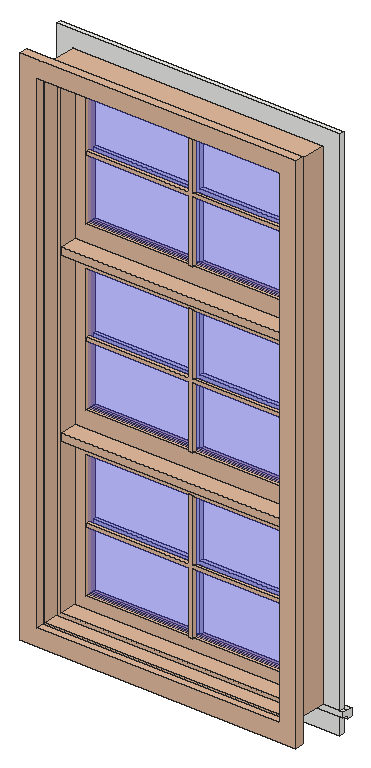
Revit family "M_Janela-toldo-triplo-vertical", category Janelas, Revit 2019
Family settings
  Hospedeiro = Parede
  Número OmniClass = 23.30.20.17.21.11
  Título OmniClass = Awning Windows
  Sempre na vertical = Sim
  Corte com vazios quando carregada = Não
  Compartilhado = Não
  Ponto de cálculo do ambiente = Não
Parameters (values of type "900 x 1800mm")
  Janela aplicada [instance] = 0 mm
  Espessura da parede [instance] = 150 mm
  Visual Light Transmittance = 0.81
  Coeficiente da altura do caixilho superior = 0.33333
  Altura do caixilho superior = Coeficiente da altura do caixilho superior * Altura  # 599.999 mm
  Resistência térmica (R) = 0.319569 (m²·K)/W
  Solar Heat Gain Coefficient = 0.76
  Largura bruta = Largura + 15 mm  # 915 mm
  Altura bruta = Altura + 15 mm  # 1815 mm
  Visibilidade do montante superior = yes
  Padrão do montante = M_Padrão do montante_2x2 : M_Padrão do montante_2x2
  Coeficiente da altura do caixilho central = 0.33333
  Altura do caixilho central = Coeficiente da altura do caixilho central * Altura  # 599.999 mm
  Visibilidade do montante central = yes
  Fechamento da parede interior [instance] = 54.75 mm
  Visibilidade do recorte interior [instance] = yes
  Material da apara interior = Madeira – Manchada
  Recorte interior = M_Moldura-janela-interior-plana : Quadro
  Material da moldura interior = Madeira – Manchada
  Altura = 1800 mm
  Coeficiente de transferência de calor (U) = 3.12929 W/(m²·K)
  Material do painel de vidro = Vidro
  Extensão do quadro [instance] = if(Visibilidade da apara externa, Janela aplicada + 6.35 mm, 6.35 mm)  # 6.35 mm
  Classificação de incêndio = "0.5h"
  Fechamento da parede externa [instance] = 31.75 mm
  Visibilidade da apara externa [instance] = yes
  Material da apara externa = Revestimento – Branco
  Apara externa = M_Recorte-Janela-Exterior-Plana : com peitoril
  Material da moldura exterior = Revestimento – Branco
  Visibilidade do umbral da extensão [instance] = and(Visibilidade do recorte interior, Espessura da parede - Janela aplicada > 95.25 mm)  # yes
  Umbral da extensão [instance] = if(Espessura da parede - Janela aplicada > 95.25 mm, Espessura da parede - Janela aplicada - 95.25 mm, 25.4 mm)  # 54.75 mm
  Altura-padrão do peitoril = 900 mm
  Fechamento da parede = Por hospedeiro
  Largura = 900 mm
  Visibilidade do montante inferior = yes
  Código de montagem = "B2020100"
  Construção analítica = "Vidraça dupla – residencial"
Types (2, lengths in mm): name | Largura bruta | Largura
  900 x 1800mm | 915 | 900
  600 x 1800mm | 615 | 600
Reference planes
  plane 1 "Centro (Frente/Trás)": y = 0
  plane 2: z = 0
  plane 3 "Centro (Esquerda/Direita)": x = 0
  plane 4 "Esquerda": x = -450
  plane 5 "Direita": x = 450
  plane 6 "Peitoril": z = 900
  plane 7 "Superior": z = 2700
  plane 8 "Exterior": y = 75
  plane 9 "Interior": y = -75
  plane 10 "Inset Face": y = 75
  plane 11 "Umbral": y = -20.25
  plane 12 "Face do caixilho": y = 87.7
  plane 13 "Fechamento da parede": y = -20.25
  plane 14: y = 55.95
  plane 15: z = 912.7
  plane 16: x = 437.3
  plane 17: x = 380.15
  plane 18: x = -380.15
  plane 19: x = -437.3
  plane 20: z = 2687.3
  plane 21: z = 2630.15
  plane 22: z = 969.85
  plane 23: y = 43.25
  plane 24: y = 94.05
  plane 25: y = 65.475
  plane 26 "Altura da travessa": z = 2112.701
  plane 27: z = 2169.851
  plane 28: z = 2087.301
  plane 29: y = 94.05
  plane 30: y = 43.25
  plane 31: y = -20.25
  plane 32: z = 2030.142
  plane 33: z = 2100.001
  plane 34: z = 1500.001
  plane 35: z = 1512.701
  plane 36: z = 1487.301
  plane 37: z = 1430.151
  plane 38: z = 1569.851
  plane 39: y = 94.05
Forms (mm)
  Extrusion 1, solid, material "Madeira – Manchada" <- "Material da moldura interior", visible <- "Visibilidade do umbral da extensão"
    sketch origin (0, 0, 0) x (1, 0, 0) y (0, 0, 1)
      loop
        line (450, 2700) -> (-450, 2700) -> (-450, 900) -> (450, 900) -> (450, 2700)
      loop
        line (430.95, 2680.95) -> (-430.95, 2680.95) -> (-430.95, 919.05) -> (430.95, 919.05) -> (430.95, 2680.95)
    from 20.25 to 75
  Sweep 2, solid, material "Madeira – Manchada" <- "Material da moldura interior"
    path origin (0, 87.7, 0) x (-1, 0, 0) y (0, 0, 1)
      loop
        line (-450, 2700) -> (-450, 900) -> (450, 900) -> (450, 2700) -> (-450, 2700)
    profile origin (450, 87.7, 1800) x (1, 0, 0) y (0, 1, 0)
      loop
        line (-31.75, -44.45) -> (-31.75, -107.95) -> (0, -107.95) -> (0, 6.35) -> (-12.7, 6.35) -> (-12.7, -44.45) -> (-31.75, -44.45)
  Sweep 3, solid, material "Madeira – Manchada" <- "Material da moldura interior"
    path origin (0, 87.7, 0) x (-1, 0, 0) y (0, 0, 1)
      loop
        line (-437.3, 2687.3) -> (-437.3, 2112.701) -> (437.3, 2112.701) -> (437.3, 2687.3) -> (-437.3, 2687.3)
    profile origin (437.3, 87.7, 2400) x (1, 0, 0) y (0, 1, 0)
      loop
        line (-57.15, 0) -> (-57.15, -44.45) -> (0, -44.45) -> (0, 0) -> (-57.15, 0)
  Extrusion 4, solid, material "Vidro" <- "Material do painel de vidro"
    sketch origin (0, 0, 900) x (0, -1, 0) y (1, 0, 0)
      loop
        line (-55.95, -380.15) -> (-55.95, 380.15) -> (-62.3, 380.15) -> (-62.3, -380.15) -> (-55.95, -380.15)
      loop
        line (-68.65, -380.15) -> (-68.65, 380.15) -> (-75, 380.15) -> (-75, -380.15) -> (-68.65, -380.15)
    from 1269.851 to 1730.15
  Extrusion 5, solid, material "Vidro" <- "Material do painel de vidro"
    sketch origin (0, 0, 900) x (0, -1, 0) y (1, 0, 0)
      loop
        line (-75, -380.15) -> (-68.65, -380.15) -> (-68.65, 380.15) -> (-75, 380.15) -> (-75, -380.15)
      loop
        line (-62.3, -380.15) -> (-55.95, -380.15) -> (-55.95, 380.15) -> (-62.3, 380.15) -> (-62.3, -380.15)
    from 69.85 to 530.151
  Extrusion 6, solid, material "Madeira – Manchada" <- "Material da moldura interior"
    sketch origin (0, 0, 900) x (0, -1, 0) y (1, 0, 0)
      loop
        line (-94.05, -437.3) -> (-43.25, -437.3) -> (-43.25, -418.25) -> (20.25, -418.25) -> (20.25, 418.25) -> (-43.25, 418.25) -> (-43.25, 437.3) -> (-94.05, 437.3) -> (-94.05, -437.3)
    from 1212.701 to 1187.301
  Sweep 7, solid, material "Madeira – Manchada" <- "Material da moldura interior"
    path origin (-1828.8, 87.7, 1219.2) x (-1, 0, 0) y (0, 0, 1)
      loop
        line (-2266.1, 268.101) -> (-2266.1, -306.5) -> (-1391.5, -306.5) -> (-1391.5, 268.101) -> (-2266.1, 268.101)
    profile origin (437.3, 87.7, 1200.001) x (0, 1, 0) y (-1, 0, 0)
      loop
        line (0, 57.15) -> (-44.45, 57.15) -> (-44.45, 0) -> (0, 0) -> (0, 57.15)
  Sweep 8, solid, material "Madeira – Manchada" <- "Material da moldura interior"
    path origin (-2228.85, 87.7, 1219.2) x (-1, 0, 0) y (0, 0, 1)
      loop
        line (-2666.15, 868.101) -> (-2666.15, 293.501) -> (-1791.55, 293.501) -> (-1791.55, 868.101) -> (-2666.15, 868.101)
    profile origin (437.3, 87.7, 1800.001) x (0, 1, 0) y (-1, 0, 0)
      loop
        line (0, 0) -> (0, 57.15) -> (-44.45, 57.15) -> (-44.45, 0) -> (0, 0)
  Extrusion 9, solid, material "Vidro" <- "Material do painel de vidro"
    sketch origin (0, 177.8, 900) x (0, -1, 0) y (1, 0, 0)
      loop
        line (102.8, -380.15) -> (109.15, -380.15) -> (109.15, 380.15) -> (102.8, 380.15) -> (102.8, -380.15)
      loop
        line (115.5, -380.15) -> (121.85, -380.15) -> (121.85, 380.15) -> (115.5, 380.15) -> (115.5, -380.15)
    from 669.851 to 1130.142
  Extrusion 10, solid, material "Madeira – Manchada" <- "Material da moldura interior"
    sketch origin (1857.476, 228.6, 1500.001) x (1, 0, 0) y (0, 1, 0)
      loop
        line (-2294.776, -134.55) -> (-2294.776, -185.35) -> (-2275.726, -185.35) -> (-2275.726, -248.85) -> (-1439.226, -248.85) -> (-1439.226, -185.35) -> (-1420.176, -185.35) -> (-1420.176, -134.55) -> (-2294.776, -134.55)
    from 12.7 to -12.7
Lines and regions (mm)
  Opening 1
    outline origin (-1524, -75, 0) x (1, 0, 0) y (0, 0, 1)
      loop
        line (1074, 2700) -> (1074, 900) -> (1974, 900) -> (1974, 2700) -> (1074, 2700)
  Split face 1
    outline origin (-380.15, 43.25, 2169.851) x (1, 0, 0) y (0, 1, 0)
      loop
        line (0, 31.75) -> (760.3, 31.75)
  Split face 2
    outline origin (380.15, 43.25, 2169.851) x (0, 0, 1) y (0, 1, 0)
      loop
        line (0, 31.75) -> (460.299, 31.75)
  Split face 3
    outline origin (-380.15, 43.25, 2630.15) x (0, 0, -1) y (0, 1, 0)
      loop
        line (0, 31.75) -> (460.299, 31.75)
  Split face 4
    outline origin (380.15, 43.25, 2630.15) x (0, 1, 0) y (-1, 0, 0)
      loop
        line (31.75, 760.3) -> (31.75, 0)
  Split face 5
    outline origin (0, 0, 2112.701) x (0, -1, 0) y (1, 0, 0)
      loop
        line (-87.7, 437.3) -> (-87.7, -437.3)
  Split face 6
    outline origin (380.15, 87.7, 969.85) x (-1, 0, 0) y (0, -1, 0)
      loop
        line (760.3, 12.7) -> (0, 12.7)
  Split face 7
    outline origin (380.15, 87.7, 1430.151) x (0, 0, -1) y (0, -1, 0)
      loop
        line (460.301, 12.7) -> (0, 12.7)
  Split face 8
    outline origin (-380.15, 87.7, 1430.151) x (0, -1, 0) y (1, 0, 0)
      loop
        line (12.7, 760.3) -> (12.7, 0)
  Split face 9
    outline origin (-380.15, 87.7, 969.85) x (0, 0, 1) y (0, -1, 0)
      loop
        line (460.301, 12.7) -> (0, 12.7)
  Split face 10
    outline origin (0, 0, 2087.301) x (0, -1, 0) y (1, 0, 0)
      loop
        line (-87.7, 437.3) -> (-87.7, -437.3)
  Split face 11
    outline origin (380.15, 87.7, 1569.851) x (-1, 0, 0) y (0, -1, 0)
      loop
        line (760.3, 12.7) -> (0, 12.7)
  Split face 12
    outline origin (380.15, 87.7, 2030.151) x (0, 0, -1) y (0, -1, 0)
      loop
        line (0.009, 12.7) -> (460.299, 12.7)
  Split face 13
    outline origin (-380.15, 87.7, 1569.851) x (0, 0, 1) y (0, -1, 0)
      loop
        line (0, 12.7) -> (460.299, 12.7)
  Split face 14
    outline origin (-380.15, 87.7, 2030.151) x (0, -1, 0) y (1, 0, 0)
      loop
        line (12.7, 760.3) -> (12.7, 0)
  Split face 15
    outline origin (1857.476, 228.6, 1487.301) x (1, 0, 0) y (0, 1, 0)
      loop
        line (-1420.176, -140.9) -> (-2294.776, -140.9)
  Split face 16
    outline origin (1857.476, 228.6, 1512.701) x (1, 0, 0) y (0, 1, 0)
      loop
        line (-2294.776, -140.9) -> (-1420.176, -140.9)
  symbolic lines, style "Giro da elevação"
    curve 1: line (0, -75, 2687.3) -> (437.3, -75, 2112.701)
    curve 2: line (0, -75, 2687.3) -> (-437.3, -75, 2112.701)
    curve 3: line (0, -75, 2087.301) -> (437.3, -75, 1512.701)
    curve 4: line (0, -75, 2087.301) -> (-437.3, -75, 1512.701)
    curve 5: line (0, -75, 1487.301) -> (437.3, -75, 912.7)
    curve 6: line (0, -75, 1487.301) -> (-437.3, -75, 912.7)
Text (mm)
  text "EXTERIOR" at (-1490.695, 1293.036, 0), in view "Nível de referência"
  text "INTERIOR" at (-1490.695, -959.266, 0), in view "Nível de referência"
  text "Exterior" at (0, 1108.87, 3129.179), in view "Esquerda"
  text "Exterior" at (0, 464.664, 3176.206), in view "Direita"
Dimensions and locks
  equal spacing: plane 4 "Esquerda", plane 3 "Centro (Esquerda/Direita)", plane 5 "Direita"
  "Largura": plane 4 "Esquerda" to plane 5 "Direita"
  "Altura": plane 6 "Peitoril" to plane 7 "Superior"
  "Altura-padrão do peitoril": plane 2 to plane 6 "Peitoril"
  "Janela aplicada": plane 8 "Exterior" to plane 10 "Inset Face"
  "Umbral da extensão": plane 11 "Umbral" to plane 9 "Interior"
  locked: plane 12 "Face do caixilho" to plane 10 "Inset Face" at 12.7
  locked: plane 10 "Inset Face" to plane 13 "Fechamento da parede" at 95.25
  locked: plane 10 "Inset Face" to plane 14 at 19.05
  locked: plane 6 "Peitoril" to plane 15 at 12.7
  locked: Sweep 2 sketch curve to Sweep 2 sketch curve at 31.75
  locked: plane 16 to plane 5 "Direita" at 12.7
  locked: plane 17 to plane 16 at 57.15
  locked: plane 4 "Esquerda" to plane 19 at 12.7
  locked: plane 19 to plane 18 at 57.15
  locked: plane 20 to plane 7 "Superior" at 12.7
  locked: Sweep 2 sketch curve to Sweep 2 sketch curve at 12.7
  equal spacing: Extrusion 4 sketch curve, Extrusion 4 sketch curve, Extrusion 4 sketch curve, Extrusion 4 sketch curve
  locked: plane 15 to plane 22 at 57.15
  locked: plane 21 to plane 20 at 57.15
  locked: plane 14 to plane 23 at 12.7
  locked: plane 24 to plane 8 "Exterior" at 19.05
  plane 12 "Face do caixilho" to Sweep 2 sketch curve = 44.45 mm
  equal spacing: plane 10 "Inset Face", plane 25, plane 14
  locked: plane 26 "Altura da travessa" to plane 27 at 57.15
  equal spacing: Extrusion 5 sketch curve, Extrusion 5 sketch curve, Extrusion 5 sketch curve, Extrusion 5 sketch curve
  "Espessura da parede": host wall to host wall
  plane 28 to plane 26 "Altura da travessa" = 25.4 mm
  locked: plane 29 to plane 12 "Face do caixilho" at 6.35
  "Fechamento da parede interior": plane 31 to plane 9 "Interior"
  "Fechamento da parede externa": plane 8 "Exterior" to plane 30
  locked: plane 32 to plane 28 at 57.159
  equal spacing: plane 28, plane 33, plane 26 "Altura da travessa"
  "Altura do caixilho superior": plane 33 to plane 7 "Superior"
  equal spacing: plane 36, plane 34, plane 35
  plane 36 to plane 35 = 25.4 mm
  "Altura do caixilho central": plane 34 to plane 33
  locked: plane 37 to plane 36 at 57.15
  locked: plane 35 to plane 38 at 57.15
  equal spacing: Extrusion 9 sketch curve, Extrusion 9 sketch curve, Extrusion 9 sketch curve, Extrusion 9 sketch curve
  locked: Extrusion 10 sketch curve to plane 16 at 19.05
  locked: plane 19 to Extrusion 10 sketch curve at 19.05
  "Extensão do quadro": plane 39 to plane 12 "Face do caixilho"
  aligned and locked: plane 7 "Superior" to Opening 1 sketch curve
  aligned and locked: plane 6 "Peitoril" to Opening 1 sketch curve  (x2)
  aligned and locked: plane 5 "Direita" to Opening 1 sketch curve
  aligned and locked: plane 4 "Esquerda" to Opening 1 sketch curve
  aligned and locked: level to plane 2
  aligned and locked: plane 8 "Exterior" to host wall
  aligned and locked: plane 9 "Interior" to host wall
  aligned and locked: Extrusion 1 sketch curve to plane 6 "Peitoril"
  aligned and locked: plane 7 "Superior" to Extrusion 1 sketch curve
  aligned and locked: plane 5 "Direita" to Extrusion 1 sketch curve
  aligned and locked: Extrusion 1 sketch curve to plane 4 "Esquerda"
  aligned and locked: Extrusion 1 to plane 9 "Interior"
  aligned and locked: Sweep 2 sketch curve to plane 6 "Peitoril"
  aligned and locked: Sweep 2 sketch curve to plane 4 "Esquerda"
  aligned and locked: plane 7 "Superior" to Sweep 2 sketch curve
  aligned and locked: plane 5 "Direita" to Sweep 2 sketch curve
  aligned and locked: Sweep 2 sketch curve to plane 5 "Direita"
  aligned and locked: plane 16 to Sweep 3 sketch curve
  aligned and locked: Sweep 3 sketch curve to plane 19
  aligned and locked: Sweep 3 sketch curve to plane 20
  aligned and locked: plane 12 "Face do caixilho" to Sweep 3 sketch curve
  aligned and locked: Sweep 3 sketch curve to plane 16
  aligned and locked: plane 17 to Sweep 3 sketch curve
  aligned and locked: Sweep 3 sketch curve to Sweep 2
  aligned and locked: plane 17 to Extrusion 4 sketch curve  (x2)
  aligned and locked: Extrusion 4 sketch curve to plane 18  (x2)
  aligned and locked: plane 21 to Extrusion 4
  aligned and locked: plane 18 to Split face 1 sketch curve
  aligned and locked: Split face 1 sketch curve to plane 10 "Inset Face"
  aligned and locked: plane 17 to Split face 1 sketch curve
  aligned and locked: plane 3 "Centro (Esquerda/Direita)" to nested 1
  aligned and locked: nested 1 to plane 8 "Exterior"
  aligned and locked: plane 21 to Split face 2 sketch curve
  aligned and locked: Split face 2 sketch curve to plane 10 "Inset Face"
  aligned and locked: plane 21 to Split face 3 sketch curve
  aligned and locked: plane 10 "Inset Face" to Split face 3 sketch curve
  aligned and locked: plane 18 to Split face 4 sketch curve
  aligned and locked: plane 17 to Split face 4 sketch curve
  aligned and locked: Split face 4 sketch curve to plane 10 "Inset Face"
  aligned and locked: plane 3 "Centro (Esquerda/Direita)" to curve 1
  aligned and locked: plane 16 to curve 1
  aligned and locked: plane 20 to curve 2
  aligned and locked: nested 2 to plane 25
  aligned and locked: plane 26 "Altura da travessa" to Sweep 3 sketch curve
  aligned and locked: plane 27 to nested 2
  aligned and locked: Extrusion 4 to plane 27
  aligned and locked: plane 26 "Altura da travessa" to curve 1
  aligned and locked: plane 26 "Altura da travessa" to curve 2
  aligned and locked: plane 19 to curve 2
  aligned and locked: plane 26 "Altura da travessa" to Extrusion 6
  aligned and locked: Extrusion 6 to plane 28
  aligned and locked: plane 12 "Face do caixilho" to Split face 5 sketch curve
  aligned and locked: profile plane to Sweep 7 sketch curve
  aligned and locked: plane 17 to Sweep 7 sketch curve
  aligned and locked: Sweep 7 sketch curve to Sweep 2  (x2)
  aligned and locked: Extrusion 5 to Sweep 7
  aligned and locked: Extrusion 5 to plane 22
  aligned and locked: Split face 6 sketch curve to plane 10 "Inset Face"
  aligned and locked: plane 17 to Split face 7 sketch curve
  aligned and locked: Split face 9 sketch curve to plane 18
  aligned and locked: plane 12 "Face do caixilho" to Split face 10 sketch curve
  aligned and locked: Sweep 7 sketch curve to plane 16
  aligned and locked: Sweep 7 sketch curve to plane 15
  aligned and locked: plane 19 to Sweep 7 sketch curve
  aligned and locked: plane 16 to Sweep 7 sketch curve
  aligned and locked: Extrusion 6 sketch curve to plane 13 "Fechamento da parede"
  aligned and locked: plane 29 to Extrusion 6 sketch curve
  aligned and locked: nested 1 to plane 7 "Superior"
  aligned and locked: nested 3 to plane 8 "Exterior"
  aligned and locked: nested 3 to plane 4 "Esquerda"
  aligned and locked: plane 18 to Extrusion 5 sketch curve  (x2)
  aligned and locked: plane 17 to Extrusion 5 sketch curve  (x2)
  aligned and locked: plane 18 to Sweep 7
  aligned and locked: plane 21 to nested 2
  aligned and locked: nested 2 to plane 18
  aligned and locked: nested 2 to plane 17
  aligned and locked: plane 7 "Superior" to nested 5
  aligned and locked: plane 7 "Superior" to nested 4
  aligned and locked: plane 3 "Centro (Esquerda/Direita)" to nested 4
  aligned and locked: nested 5 to plane 3 "Centro (Esquerda/Direita)"
  aligned and locked: plane 11 "Umbral" to Extrusion 1
  aligned and locked: Sweep 2 sketch curve to plane 13 "Fechamento da parede"
  aligned and locked: nested 6 to plane 18
  aligned and locked: nested 6 to plane 17
  aligned and locked: plane 22 to nested 6
  aligned and locked: nested 6 to plane 25
  aligned and locked: plane 36 to Sweep 7 sketch curve
  aligned and locked: plane 37 to nested 6
  aligned and locked: plane 28 to Sweep 8 sketch curve
  aligned and locked: Sweep 8 sketch curve to plane 35
  aligned and locked: Sweep 8 sketch curve to plane 16
  aligned and locked: plane 19 to Sweep 8 sketch curve
  aligned and locked: nested 7 to plane 17
  aligned and locked: nested 7 to plane 18
  aligned and locked: plane 32 to nested 7
  aligned and locked: plane 38 to nested 7
  aligned and locked: plane 3 "Centro (Esquerda/Direita)" to nested 7
  aligned and locked: nested 7 to plane 25
  aligned and locked: plane 17 to Sweep 8 sketch curve
  aligned and locked: Sweep 8 sketch curve to plane 23
  aligned and locked: plane 32 to Extrusion 9
  aligned and locked: Extrusion 9 to plane 38
  aligned and locked: Extrusion 9 sketch curve to plane 10 "Inset Face"
  aligned and locked: plane 14 to Extrusion 9 sketch curve
  aligned and locked: Extrusion 9 sketch curve to plane 18  (x2)
  aligned and locked: plane 17 to Extrusion 9 sketch curve  (x2)
  aligned and locked: Extrusion 10 to plane 36
  aligned and locked: plane 35 to Extrusion 10
  aligned and locked: plane 29 to Extrusion 10 sketch curve
  aligned and locked: plane 19 to Extrusion 10 sketch curve
  aligned and locked: Extrusion 10 sketch curve to plane 23  (x2)
  aligned and locked: Extrusion 10 sketch curve to plane 13 "Fechamento da parede"
  aligned and locked: Extrusion 10 sketch curve to plane 16
  aligned and locked: Extrusion 5 sketch curve to plane 10 "Inset Face"
  aligned and locked: plane 14 to Extrusion 5 sketch curve
  aligned and locked: plane 10 "Inset Face" to Extrusion 4 sketch curve
  aligned and locked: Extrusion 4 sketch curve to plane 14
  aligned and locked: plane 3 "Centro (Esquerda/Direita)" to nested 8
  aligned and locked: nested 8 to plane 8 "Exterior"
  aligned and locked: plane 33 to nested 3
  aligned and locked: plane 34 to nested 8
  aligned and locked: plane 3 "Centro (Esquerda/Direita)" to curve 4
  aligned and locked: plane 35 to curve 3
  aligned and locked: plane 16 to curve 3
  aligned and locked: plane 35 to curve 4
  aligned and locked: plane 19 to curve 4
  aligned and locked: plane 3 "Centro (Esquerda/Direita)" to curve 6
  aligned and locked: plane 15 to curve 5
  aligned and locked: plane 16 to curve 5
  aligned and locked: plane 15 to curve 6
  aligned and locked: plane 19 to curve 6
  aligned and locked: plane 36 to curve 5
  aligned and locked: plane 28 to curve 3
  aligned and locked: Split face 11 sketch curve to plane 10 "Inset Face"
  aligned and locked: Split face 12 sketch curve to plane 10 "Inset Face"
  aligned and locked: plane 10 "Inset Face" to Split face 13 sketch curve
  aligned and locked: plane 10 "Inset Face" to Split face 14 sketch curve
  aligned and locked: plane 12 "Face do caixilho" to Split face 15 sketch curve
  aligned and locked: Split face 16 sketch curve to plane 12 "Face do caixilho"
  aligned and locked: plane 39 to Sweep 2 sketch curve
Automatic sketch dimensions
  Sweep 7 to Split face 7 sketch curve = 0 mm
  Split face 7 sketch curve to Sweep 7 = 0 mm
  Split face 7 sketch curve to Sweep 7 = 12.7 mm
  Sweep 7 to Split face 9 sketch curve = 0 mm
  Split face 9 sketch curve to Sweep 7 = 12.7 mm
  Split face 9 sketch curve to Sweep 7 = 0 mm
  Extrusion 1 sketch curve to plane 19 = 6.35 mm
  plane 16 to Extrusion 1 sketch curve = 6.35 mm
  plane 15 to Extrusion 1 sketch curve = 6.35 mm
  Extrusion 1 sketch curve to plane 20 = 6.35 mm
  Split face 2 sketch curve to Sweep 3 = 0 mm
  Split face 3 sketch curve to Sweep 3 = 0 mm
  Extrusion 6 sketch curve to plane 23 = 0 mm  (x2)
  Extrusion 6 sketch curve to plane 16 = 0 mm
  Extrusion 6 sketch curve to plane 19 = 0 mm
  Extrusion 6 sketch curve to plane 19 = 19.05 mm
  plane 16 to Extrusion 6 sketch curve = 19.05 mm
  Split face 5 sketch curve to Extrusion 6 = 0 mm  (x2)
  Split face 6 sketch curve to Sweep 7 = 0 mm  (x2)
  Split face 8 sketch curve to Sweep 7 = 0 mm  (x2)
  Split face 8 sketch curve to Sweep 7 = 12.7 mm
  Split face 10 sketch curve to Extrusion 6 = 0 mm  (x2)
  Sweep 8 sketch curve to plane 12 "Face do caixilho" = 0 mm
  Sweep 8 sketch curve to profile plane = 0 mm
  Split face 11 sketch curve to Sweep 8 = 0 mm  (x2)
  Split face 12 sketch curve to Sweep 8 = 0 mm
  Sweep 8 to Split face 12 sketch curve = 0.009 mm
  Split face 13 sketch curve to Sweep 8 = 0 mm
  Sweep 8 to Split face 13 sketch curve = 0 mm
  Split face 14 sketch curve to Sweep 8 = 0 mm  (x2)
  Split face 15 sketch curve to Extrusion 10 = 0 mm  (x2)
  Split face 16 sketch curve to Extrusion 10 = 0 mm  (x2)
Nested families
  nested 1: "M_Plano-toldo" at (0, 75, 2100.001), Largura <- "Largura", Janela aplicada <- "Janela aplicada", Altura <- "Altura do caixilho superior", Espessura da parede <- "Espessura da parede", type "M_Plano-toldo"
    with Janela aplicada de 3D 0 mm, Janela aplicada 0 mm, Largura 900 mm, Espessura da parede 150 mm, Linha superior yes, Linha à direita yes, Linha à esquerda yes, Altura 599.999 mm, Linha inferior no
  nested 2: "M_Padrão do montante_2x2" at (0, 65.475, 2169.851), visible <- "Visibilidade do montante superior", Material externo <- "Material da moldura exterior", Material interior <- "Material da moldura interior", type <- "Padrão do montante", type "M_Padrão do montante_2x2"
    with Largura 760.3 mm, Material interior Madeira – Manchada, Altura 460.299 mm, Material externo Revestimento – Branco
  nested 3: "M_Plano-toldo" at (0, 75, 1500.001), Janela aplicada <- "Janela aplicada", Largura <- "Largura", Altura <- "Altura do caixilho superior", Espessura da parede <- "Espessura da parede", type "M_Plano-toldo"
    with Janela aplicada de 3D 0 mm, Janela aplicada 0 mm, Largura 900 mm, Espessura da parede 150 mm, Linha superior no, Linha à direita yes, Linha à esquerda yes, Altura 599.999 mm, Linha inferior no
  nested 4: "M_Moldura-janela-interior-plana" at (0, -75, 2700) x (1, 0, 0) z (0, -1, 0), visible <- "Visibilidade do recorte interior", Material da apara <- "Material da apara interior", Largura da abertura <- "Largura", Altura da abertura <- "Altura", type <- "Recorte interior", type "Quadro"
    with Material da apara Madeira – Manchada, Largura da abertura 900 mm, Altura da abertura 1800 mm
  nested 5: "M_Recorte-Janela-Exterior-Plana" at (0, 75, 2700) x (-1, 0, 0) z (0, 1, 0), Largura da abertura <- "Largura", Altura da abertura <- "Altura", Material da apara <- "Material da apara externa", visible <- "Visibilidade da apara externa", type <- "Apara externa", type "com peitoril"
    with Material da apara Revestimento – Branco, Largura da abertura 900 mm, Altura da abertura 1800 mm
  nested 6: "M_Padrão do montante_2x2" at (0, 65.475, 969.85), visible <- "Visibilidade do montante inferior", Material externo <- "Material da moldura exterior", Material interior <- "Material da moldura interior", type <- "Padrão do montante", type "M_Padrão do montante_2x2"
    with Largura 760.3 mm, Material interior Madeira – Manchada, Altura 460.301 mm, Material externo Revestimento – Branco
  nested 7: "M_Padrão do montante_2x2" at (0, 65.475, 1569.851), visible <- "Visibilidade do montante central", Material externo <- "Material da moldura exterior", Material interior <- "Material da moldura interior", type <- "Padrão do montante", type "M_Padrão do montante_2x2"
    with Largura 760.3 mm, Material interior Madeira – Manchada, Altura 460.291 mm, Material externo Revestimento – Branco
  nested 8: "M_Plano-toldo" at (0, 75, 900.002), Janela aplicada <- "Janela aplicada", Largura <- "Largura", Altura <- "Altura do caixilho superior", Espessura da parede <- "Espessura da parede", type "M_Plano-toldo"
    with Janela aplicada de 3D 0 mm, Janela aplicada 0 mm, Largura 900 mm, Espessura da parede 150 mm, Linha superior no, Linha à direita yes, Linha à esquerda yes, Altura 599.999 mm, Linha inferior yes
Definition of nested family "M_Padrão do montante_2x2"
  Parameters (values of type "M_Padrão do montante_2x2")
    Largura [instance] = 1200 mm
    Espessura = 12.7 mm
    Altura [instance] = 1200 mm
    Material interior [instance] = none
    Material externo [instance] = none
    Distância = 19.05 mm
  Reference planes
    plane 1 "Centro (Frente/Trás)": y = 0
    plane 2: z = 0
    plane 3 "Centro (Esquerda/Direita)": x = 0
    plane 4: z = 1200
    plane 5: x = -600
    plane 6: x = 600
    plane 7: z = 600
    plane 8: y = 9.525
    plane 9: y = 22.225
    plane 10: y = -9.525
    plane 11: y = -22.225
  Forms (mm)
    Extrusion 1, solid, material <- "Material interior", detail levels fine
      sketch origin (0, 0, 0) x (1, 0, 0) y (0, 0, 1)
        loop
          line (-600, 606.35) -> (-600, 593.65) -> (-6.35, 593.65) -> (-6.35, 0) -> (6.35, 0) -> (6.35, 593.65) -> (600, 593.65) -> (600, 606.35) -> (6.35, 606.35) -> (6.35, 1200) -> (-6.35, 1200) -> (-6.35, 606.35) -> (-600, 606.35)
      from 9.525 to 22.225
    Extrusion 2, solid, material <- "Material externo", detail levels fine
      sketch origin (0, 0, 0) x (1, 0, 0) y (0, 0, -1)
        loop
          line (-600, -606.35) -> (-6.35, -606.35) -> (-6.35, -1200) -> (6.35, -1200) -> (6.35, -606.35) -> (600, -606.35) -> (600, -593.65) -> (6.35, -593.65) -> (6.35, 0) -> (-6.35, 0) -> (-6.35, -593.65) -> (-600, -593.65) -> (-600, -606.35)
      from 9.525 to 22.225
  Lines and regions (mm)
    model lines, detail levels medium
      curve 1: line (0, 9.525, 1200) -> (0, 9.525, 0)
      curve 2: line (-600, -9.525, 600) -> (600, -9.525, 600)
      curve 3: line (-600, 9.525, 600) -> (600, 9.525, 600)
      curve 4: line (0, -9.525, 1200) -> (0, -9.525, 0)
  Dimensions and locks
    equal spacing: plane 6, plane 3 "Centro (Esquerda/Direita)", plane 5
    "Largura": plane 6 to plane 5
    "Altura": plane 4 to plane 2
    equal spacing: plane 4, plane 7, plane 2
    locked: plane 3 "Centro (Esquerda/Direita)" to Extrusion 1 sketch curve at 6.35  (x4)
    locked: Extrusion 1 sketch curve to plane 7 at 6.35  (x2)
    locked: plane 7 to Extrusion 1 sketch curve at 6.35  (x2)
    "Espessura": plane 9 to plane 8
    "Espessura": plane 10 to plane 11
    "Distância": plane 8 to plane 10
    equal spacing: plane 8, plane 1 "Centro (Frente/Trás)", plane 10
    aligned and locked: plane 2 to level
    aligned and locked: plane 4 to curve 1
    aligned and locked: plane 5 to curve 2
    aligned and locked: plane 2 to curve 1
    aligned and locked: plane 6 to curve 2
    aligned and locked: Extrusion 1 sketch curve to plane 4
    aligned and locked: Extrusion 1 sketch curve to plane 6
    aligned and locked: Extrusion 1 sketch curve to plane 5
    aligned and locked: Extrusion 1 sketch curve to level
    aligned and locked: Extrusion 1 to plane 11
    aligned and locked: plane 10 to Extrusion 1
    aligned and locked: Extrusion 2 to plane 5
    aligned and locked: plane 6 to Extrusion 2
    aligned and locked: Extrusion 2 to plane 8
    aligned and locked: plane 9 to Extrusion 2
    aligned and locked: Extrusion 2 to plane 2
    aligned and locked: plane 4 to Extrusion 2
    aligned and locked: plane 5 to curve 3
    aligned and locked: plane 6 to curve 3
    aligned and locked: plane 4 to curve 4
    aligned and locked: plane 2 to curve 4
    aligned and locked: plane 8 to curve 3
  Automatic sketch dimensions
    curve 2 to plane 7 = 0 mm
    Extrusion 2 sketch curve to plane 5 = 0 mm
    Extrusion 2 sketch curve to level = 0 mm
    Extrusion 2 sketch curve to plane 4 = 0 mm
    Extrusion 2 sketch curve to plane 6 = 0 mm
    Extrusion 2 sketch curve to plane 3 "Centro (Esquerda/Direita)" = 6.35 mm  (x2)
    plane 3 "Centro (Esquerda/Direita)" to Extrusion 2 sketch curve = 6.35 mm  (x2)
    plane 7 to Extrusion 2 sketch curve = 6.35 mm  (x2)
    Extrusion 2 sketch curve to plane 7 = 6.35 mm  (x2)
    curve 4 to plane 3 "Centro (Esquerda/Direita)" = 0 mm
    curve 4 to level = 0 mm
    curve 4 to plane 4 = 0 mm
    curve 3 to plane 6 = 0 mm
    curve 1 to plane 3 "Centro (Esquerda/Direita)" = 0 mm
    curve 3 to plane 5 = 0 mm
    curve 3 to plane 7 = 0 mm
Definition of nested family "M_Moldura-janela-interior-plana"
  Parameters (values of type "com peitoril")
    Espessura da apara_Quadro = 30 mm
    Largura da apara = 60 mm
    Espessura da apara_com peitoril = 20 mm
    Material da apara [instance] = none
    Espessura do peitoril = 30 mm
    Peitoril = yes
    Quadro = no
    Largura da abertura [instance] = 600 mm
    Altura da abertura [instance] = 900 mm
    Default Elevation = 1200 mm
  Types (2, lengths in mm): name | Peitoril | Quadro
    com peitoril | yes | no
    Quadro | no | yes
  Reference planes
    plane 1 "Centro (Frente/Trás)": y = 0
    plane 2: z = 0
    plane 3 "Centro (Esquerda/Direita)": x = 0
    plane 4: y = 47.3
    plane 5 "Esquerda": x = -300
    plane 6 "Direita": x = 300
    plane 7 "Inferior": y = -900
    plane 8: y = -930
    plane 9: y = -980.432
    plane 10: x = 347.3
    plane 11: x = -347.3
    plane 12: z = 20
    plane 13: z = 30
    plane 14: x = 360
    plane 15: x = -360
    plane 16: y = -920.432
    plane 17: y = -947.3
    plane 18: z = 12.7
    plane 19: x = -287.3
    plane 20: y = -12.7
    plane 21: x = 287.3
    plane 22: y = -887.3
    plane 23: x = -334.6
    plane 24: x = 334.6
    plane 25: y = -450
  Forms (mm)
    Extrusion 1, solid
      sketch origin (0, 0, 0) x (1, 0, 0) y (0, 1, 0)
        loop
          line (-349.25, 44.45) -> (-349.25, -958.85) -> (349.25, -958.85) -> (349.25, 44.45) -> (-349.25, 44.45)
      from 0 to -304.8
    Extrusion 2, solid, material <- "Material da apara", visible <- "Peitoril"
      sketch origin (0, 0, 0) x (1, 0, 0) y (0, 1, 0)
        loop
          line (-334.6, -900) -> (-287.3, -900) -> (-287.3, 0) -> (287.3, 0) -> (287.3, -900) -> (334.6, -900) -> (334.6, 47.3) -> (-334.6, 47.3) -> (-334.6, -900)
      from 0 to 20
    Extrusion 3, solid, material <- "Material da apara", visible <- "Peitoril"
      sketch origin (0, 0, 0) x (0, 1, 0) y (0, 0, 1)
        loop
          line (-912.7, 39.05) -> (-920.432, 39.05) -> (-920.432, 0) -> (-900, 0) -> (-900, 26.35)
          arc (-900, 26.35) -> (-903.72, 35.33) -> (-912.7, 39.05) r 12.7
      from -347.3 to 347.3
    Extrusion 4, solid, material <- "Material da apara", visible <- "Peitoril"
      sketch origin (0, 0, 0) x (1, 0, 0) y (0, 1, 0)
        loop
          line (-334.6, -920.432) -> (-334.6, -980.432) -> (334.6, -980.432) -> (334.6, -920.432) -> (-334.6, -920.432)
      from 0 to 20
    Extrusion 5, solid, material <- "Material da apara", visible <- "Quadro"
      sketch origin (0, 0, 0) x (1, 0, 0) y (0, 1, 0)
        loop
          line (-287.3, -12.7) -> (-287.3, -887.3) -> (287.3, -887.3) -> (287.3, -12.7) -> (-287.3, -12.7)
        loop
          line (-347.3, 47.3) -> (-347.3, -947.3) -> (347.3, -947.3) -> (347.3, 47.3) -> (-347.3, 47.3)
      from 0 to 30
  Dimensions and locks
    equal spacing: plane 5 "Esquerda", plane 3 "Centro (Esquerda/Direita)", plane 6 "Direita"
    "Largura da abertura": plane 5 "Esquerda" to plane 6 "Direita"
    "Altura da abertura": plane 7 "Inferior" to plane 1 "Centro (Frente/Trás)"
    "Espessura do peitoril": plane 7 "Inferior" to plane 8
    "Largura da apara": plane 11 to plane 19
    "Largura da apara": plane 21 to plane 10
    "Largura da apara": plane 20 to plane 4
    "Espessura da apara_com peitoril": plane 12 to plane 2
    locked: plane 15 to plane 11 at 12.7
    locked: plane 10 to plane 14 at 12.7
    locked: plane 16 to plane 8 at 9.568
    "Largura da apara": plane 9 to plane 16
    "Largura da apara": plane 17 to plane 22
    plane 20 to plane 1 "Centro (Frente/Trás)" = 12.7 mm
    plane 5 "Esquerda" to plane 19 = 12.7 mm
    plane 21 to plane 6 "Direita" = 12.7 mm
    plane 22 to plane 7 "Inferior" = 12.7 mm
    locked: plane 11 to plane 23 at 12.7
    locked: plane 24 to plane 10 at 12.7
    equal spacing: plane 7 "Inferior", plane 25, plane 1 "Centro (Frente/Trás)"
    "Espessura da apara_Quadro": plane 13 to plane 2
    locked: Extrusion 3 to plane 12 at 19.05
    locked: plane 12 to Extrusion 3 sketch curve at 19.05
    radius of Extrusion 3 sketch curve = 12.7 mm
    aligned and locked: plane 2 to Extrusion 1
    aligned and locked: level to Extrusion 1
    aligned and locked: plane 7 "Inferior" to Extrusion 2 sketch curve  (x2)
    aligned and locked: plane 1 "Centro (Frente/Trás)" to Extrusion 2 sketch curve
    aligned and locked: plane 12 to Extrusion 2
    aligned and locked: Extrusion 3 sketch curve to level
    aligned and locked: plane 7 "Inferior" to Extrusion 3 sketch curve
    aligned and locked: plane 16 to Extrusion 4 sketch curve
    aligned and locked: plane 9 to Extrusion 4 sketch curve
    aligned and locked: Extrusion 2 sketch curve to plane 4
    aligned and locked: Extrusion 5 sketch curve to plane 4
    aligned and locked: Extrusion 5 sketch curve to plane 17
    aligned and locked: plane 10 to Extrusion 5 sketch curve
    aligned and locked: Extrusion 5 sketch curve to plane 11
    aligned and locked: plane 13 to Extrusion 5
    aligned and locked: Extrusion 5 sketch curve to plane 20
    aligned and locked: Extrusion 5 sketch curve to plane 19
    aligned and locked: Extrusion 5 sketch curve to plane 21
    aligned and locked: plane 22 to Extrusion 5 sketch curve
    aligned and locked: Extrusion 4 to plane 24
    aligned and locked: plane 11 to Extrusion 3
    aligned and locked: Extrusion 3 to plane 10
    aligned and locked: Extrusion 2 sketch curve to plane 21
    aligned and locked: Extrusion 2 sketch curve to plane 24
    aligned and locked: Extrusion 2 sketch curve to plane 19
    aligned and locked: Extrusion 2 sketch curve to plane 23
    aligned and locked: plane 12 to Extrusion 4
  Automatic sketch dimensions
    Extrusion 1 sketch curve to Extrusion 1 sketch curve = 698.5 mm
    Extrusion 1 sketch curve to Extrusion 1 sketch curve = 1003.3 mm
    Extrusion 3 sketch curve to plane 16 = 0 mm
    Extrusion 4 sketch curve to plane 11 = 12.7 mm
    Extrusion 4 sketch curve to plane 24 = 0 mm
Definition of nested family "M_Recorte-Janela-Exterior-Plana"
  Parameters (values of type "com peitoril")
    Largura da apara = 60 mm
    Espessura da apara_Quadro = 30 mm
    Espessura da apara_com peitoril = 19.05 mm
    Material da apara [instance] = none
    Espessura do peitoril = 30 mm
    Peitoril = yes
    Quadro = no
    Largura da abertura [instance] = 600 mm
    Altura da abertura [instance] = 900 mm
    Default Elevation = 1200 mm
  Types (2, lengths in mm): name | Peitoril | Quadro
    com peitoril | yes | no
    Quadro | no | yes
  Reference planes
    plane 1 "Centro (Frente/Trás)": y = 0
    plane 2: z = 0
    plane 3 "Centro (Esquerda/Direita)": x = 0
    plane 4: y = 60
    plane 5 "Esquerda": x = -300
    plane 6 "Direita": x = 300
    plane 7 "Inferior": y = -900
    plane 8: y = -930
    plane 9: y = -980.432
    plane 10: x = 360
    plane 11: x = -360
    plane 12: z = 19.05
    plane 13: z = 30
    plane 14: x = 372.7
    plane 15: x = -372.7
    plane 16: y = -920.432
    plane 17: y = -960
    plane 18: z = 12.7
    plane 19: y = -450
    plane 20: z = 38.1
  Forms (mm)
    Extrusion 1, solid
      sketch origin (0, 0, 0) x (1, 0, 0) y (0, 1, 0)
        loop
          line (-361.95, 57.15) -> (-361.95, -993.732) -> (361.95, -993.732) -> (361.95, 57.15) -> (-361.95, 57.15)
      from 0 to -304.8
    Extrusion 2, solid, material <- "Material da apara", visible <- "Peitoril"
      sketch origin (0, 0, 0) x (1, 0, 0) y (0, 1, 0)
        loop
          line (-360, -900) -> (-300, -900) -> (-300, 0) -> (300, 0) -> (300, -900) -> (360, -900) -> (360, 60) -> (-360, 60) -> (-360, -900)
      from 0 to 19.05
    Extrusion 3, solid, material <- "Material da apara", visible <- "Peitoril"
      sketch origin (0, 0, 0) x (0, 1, 0) y (0, 0, 1)
        loop
          line (-902.458, 38.1) -> (-930, 38.1) -> (-930, 19.05) -> (-920.432, 19.05) -> (-920.432, 0) -> (-900, 0) -> (-900, 19.05) -> (-902.458, 38.1)
      from -372.7 to 372.7
    Extrusion 4, solid, material <- "Material da apara", visible <- "Peitoril"
      sketch origin (0, 0, 0) x (1, 0, 0) y (0, 1, 0)
        loop
          line (-360, -920.432) -> (-360, -980.432) -> (360, -980.432) -> (360, -920.432) -> (-360, -920.432)
      from 0 to 19.05
    Extrusion 5, solid, material <- "Material da apara", visible <- "Quadro"
      sketch origin (0, 0, 0) x (1, 0, 0) y (0, 1, 0)
        loop
          line (-300, 0) -> (-300, -900) -> (300, -900) -> (300, 0) -> (-300, 0)
        loop
          line (-360, 60) -> (-360, -960) -> (360, -960) -> (360, 60) -> (-360, 60)
      from 0 to 30
  Dimensions and locks
    equal spacing: plane 5 "Esquerda", plane 3 "Centro (Esquerda/Direita)", plane 6 "Direita"
    "Largura da abertura": plane 5 "Esquerda" to plane 6 "Direita"
    "Altura da abertura": plane 7 "Inferior" to plane 1 "Centro (Frente/Trás)"
    "Espessura do peitoril": plane 7 "Inferior" to plane 8
    "Largura da apara": plane 11 to plane 5 "Esquerda"
    "Largura da apara": plane 6 "Direita" to plane 10
    "Largura da apara": plane 1 "Centro (Frente/Trás)" to plane 4
    locked: plane 15 to plane 11 at 12.7
    locked: plane 10 to plane 14 at 12.7
    locked: plane 16 to plane 8 at 9.568
    "Largura da apara": plane 9 to plane 16
    "Largura da apara": plane 17 to plane 7 "Inferior"
    locked: plane 18 to plane 2 at 12.7
    equal spacing: plane 7 "Inferior", plane 19, plane 1 "Centro (Frente/Trás)"
    locked: plane 20 to plane 12 at 19.05
    "Espessura da apara_com peitoril": plane 12 to plane 2
    "Espessura da apara_Quadro": plane 13 to plane 2
    aligned and locked: plane 2 to Extrusion 1
    aligned and locked: level to Extrusion 1
    aligned and locked: Extrusion 2 sketch curve to plane 5 "Esquerda"
    aligned and locked: Extrusion 2 sketch curve to plane 11
    aligned and locked: plane 7 "Inferior" to Extrusion 2 sketch curve  (x2)
    aligned and locked: plane 1 "Centro (Frente/Trás)" to Extrusion 2 sketch curve
    aligned and locked: plane 10 to Extrusion 2 sketch curve
    aligned and locked: Extrusion 2 sketch curve to plane 6 "Direita"
    aligned and locked: plane 12 to Extrusion 2
    aligned and locked: Extrusion 3 sketch curve to level
    aligned and locked: plane 7 "Inferior" to Extrusion 3 sketch curve
    aligned and locked: Extrusion 3 sketch curve to plane 8
    aligned and locked: plane 15 to Extrusion 3
    aligned and locked: Extrusion 3 to plane 14
    aligned and locked: plane 10 to Extrusion 4 sketch curve
    aligned and locked: Extrusion 4 sketch curve to plane 11
    aligned and locked: plane 16 to Extrusion 4 sketch curve
    aligned and locked: plane 9 to Extrusion 4 sketch curve
    aligned and locked: Extrusion 4 to Extrusion 2
    aligned and locked: Extrusion 2 sketch curve to plane 4
    aligned and locked: plane 1 "Centro (Frente/Trás)" to Extrusion 5 sketch curve
    aligned and locked: Extrusion 5 sketch curve to plane 4
    aligned and locked: Extrusion 5 sketch curve to plane 17
    aligned and locked: plane 7 "Inferior" to Extrusion 5 sketch curve
    aligned and locked: Extrusion 5 sketch curve to plane 6 "Direita"
    aligned and locked: plane 10 to Extrusion 5 sketch curve
    aligned and locked: Extrusion 5 sketch curve to plane 5 "Esquerda"
    aligned and locked: Extrusion 5 sketch curve to plane 11
    aligned and locked: plane 13 to Extrusion 5
    aligned and locked: plane 20 to Extrusion 3
  Automatic sketch dimensions
    Extrusion 1 sketch curve to Extrusion 1 sketch curve = 723.9 mm
    Extrusion 1 sketch curve to Extrusion 1 sketch curve = 1050.882 mm
    Extrusion 3 sketch curve to plane 16 = 0 mm
    Extrusion 3 sketch curve to plane 12 = 0 mm  (x2)
    Extrusion 3 sketch curve to plane 7 "Inferior" = 2.458 mm
    plane 13 to Extrusion 3 sketch curve = 8.1 mm
Definition of nested family "M_Plano-toldo"
  Parameters (values of type "M_Plano-toldo")
    Janela aplicada [instance] = 50 mm
    Janela aplicada de 3D [instance] = if(Janela aplicada - 12.7 mm < 0 mm, 0 mm, if(Janela aplicada - 12.7 mm < Espessura da parede - 88.9 mm, Janela aplicada - 12.7 mm, Espessura da parede - 88.9 mm))  # 37.3 mm
    Width [instance] = 1200 mm
    Espessura da parede [instance] = 150 mm
    Linha superior [instance] = yes
    Rough Width = 930 mm
    Rough Height = 930 mm
    Linha à direita [instance] = yes
    Linha à esquerda [instance] = yes
    Height [instance] = 1200 mm
    Default Elevation = 1200 mm
    Linha inferior [instance] = yes
    Analytic Construction = "<Nenhum>"
  Reference planes
    plane 1 "Centro (Frente/Trás)": y = 0
    plane 2: z = 0
    plane 3 "Centro (Esquerda/Direita)": x = 0
    plane 4: x = -600
    plane 5: x = 600
    plane 6 "Umbral": y = -126.2
    plane 7: x = -587.3
    plane 8: x = -568.25
    plane 9: y = -37.3
    plane 10: y = -81.75
    plane 11: y = -59.525
    plane 12: x = -530.15
    plane 13: x = 587.3
    plane 14: x = 568.25
    plane 15: x = 530.15
    plane 16 "Janela aplicada": y = -50
    plane 17 "Parede": y = -150
    plane 18: z = 1200
    plane 19: z = 1187.3
    plane 20: z = 12.7
    plane 21: z = 1168.25
    plane 22: z = 31.75
    plane 23: z = 1130.15
    plane 24: z = 69.85
    plane 25: z = 600
  Lines and regions (mm)
    Masking region 1
      outline origin (0, 19.05, 0) x (1, 0, 0) y (0, 1, 0)
        loop
          line (-600, -169.05) -> (600, -169.05) -> (600, -19.05) -> (-600, -19.05) -> (-600, -169.05)
    Masking region 2
      outline origin (0, 0, 0) x (0, 1, 0) y (0, 0, 1)
        loop
          line (-150, 1200) -> (-150, 0) -> (0, 0) -> (0, 1200) -> (-150, 1200)
    symbolic lines
      curve 1: line (-587.3, -81.75, 0) -> (-568.25, -81.75, 0)
      curve 2: line (-568.25, -81.75, 0) -> (-568.25, -126.2, 0)
      curve 3: line (-587.3, -37.3, 0) -> (-587.3, -81.75, 0)
      curve 4: line (-530.15, -37.3, 0) -> (-530.15, -81.75, 0)
      curve 5: line (-530.15, -81.75, 0) -> (-568.25, -81.75, 0)
      curve 6: line (-530.15, -59.525, 0) -> (530.15, -59.525, 0)
      curve 7: line (568.25, -81.75, 0) -> (568.25, -126.2, 0)
      curve 8: line (587.3, -37.3, 0) -> (587.3, -81.75, 0)
      curve 9: line (530.15, -37.3, 0) -> (530.15, -81.75, 0)
      curve 10: line (530.15, -81.75, 0) -> (587.3, -81.75, 0)
      curve 11: line (-600, -126.2, 0) -> (-568.25, -126.2, 0)
      curve 12: line (568.25, -126.2, 0) -> (-568.25, -126.2, 0)
      curve 13: line (0, -81.75, 1168.25) -> (0, -126.2, 1168.25)
      curve 14: line (0, -126.2, 0) -> (0, -126.2, 31.75)
      curve 15: line (0, -37.3, 12.7) -> (0, -81.75, 12.7)
      curve 16: line (0, -81.75, 12.7) -> (0, -81.75, 69.85)
      curve 17: line (0, -81.75, 31.75) -> (0, -126.2, 31.75)
      curve 18: line (0, -37.3, 1200) -> (0, -37.3, 1130.15)
      curve 19: line (0, -37.3, 1130.15) -> (0, -81.75, 1130.15)
      curve 20: line (0, -81.75, 69.85) -> (0, -37.3, 69.85)
      curve 21: line (0, -59.525, 69.85) -> (0, -59.525, 1130.15)
      curve 22: line (0, -81.75, 1187.3) -> (0, -81.75, 1130.15)
      curve 23: line (530.15, -37.3, 0) -> (600, -37.3, 0)
      curve 24: line (530.15, -37.3, 0) -> (-530.15, -37.3, 0)
      curve 25: line (0, -37.3, 69.85) -> (0, -37.3, 0)
      curve 26: line (-530.15, -37.3, 0) -> (-600, -37.3, 0)
      curve 27: line (0, -37.3, 1130.15) -> (0, -37.3, 69.85)
      curve 32: line (568.25, -126.2, 0) -> (600, -126.2, 0)
      curve 33: line (0, -37.3, 1187.3) -> (0, -81.75, 1187.3)
      curve 34: line (0, -126.2, 1168.25) -> (0, -126.2, 1200)
      curve 35: line (0, -126.2, 31.75) -> (0, -126.2, 1168.25)
      curve 36: line (0, -81.75, 1187.3) -> (0, 505.55, 170.067)
      curve 37: arc (0, -81.75, 12.7) -> (0, 222.259, 52.724) -> (0, 505.55, 170.067) r 1174.6
    symbolic lines, visible <- "Linha superior"
      curve 28: line (0, 0, 1200) -> (0, -150, 1200)
    symbolic lines, visible <- "Linha inferior"
      curve 29: line (0, 0, 0) -> (0, -150, 0)
    symbolic lines, visible <- "Linha à esquerda"
      curve 30: line (-600, 0, 0) -> (-600, -150, 0)
    symbolic lines, visible <- "Linha à direita"
      curve 31: line (600, 0, 0) -> (600, -150, 0)
  Dimensions and locks
    "Width": plane 4 to plane 5
    equal spacing: plane 4, plane 3 "Centro (Esquerda/Direita)", plane 5
    plane 4 to plane 7 to plane 8 = 12.7 mm locked, 19.05 mm locked
    equal spacing: plane 9, plane 11, plane 10
    locked: plane 7 to plane 12 at 57.15
    plane 5 to plane 13 to plane 14 = 12.7 mm locked, 19.05 mm locked
    locked: plane 13 to plane 15 at 57.15
    locked: plane 9 to plane 16 "Janela aplicada" at 12.7
    locked: plane 9 to plane 10 at 44.45
    "Espessura da parede": plane 17 "Parede" to plane 1 "Centro (Frente/Trás)"
    "Height": plane 18 to plane 2
    locked: plane 18 to plane 19 at 12.7
    locked: plane 20 to plane 2 at 12.7
    locked: plane 19 to plane 21 at 19.05
    locked: plane 22 to plane 20 at 19.05
    locked: plane 19 to plane 23 at 57.15
    locked: plane 24 to plane 20 at 57.15
    locked: plane 10 to plane 6 "Umbral" at 44.45
    "Janela aplicada de 3D": plane 9 to plane 1 "Centro (Frente/Trás)"
    equal spacing: plane 18, plane 25, plane 2
    locked: plane 10 to curve 36 (angle 30.00°)
    aligned and locked: plane 2 to level
    aligned and locked: curve 2 to plane 8
    aligned and locked: curve 1 to plane 10
    aligned and locked: plane 4 to Masking region 1 sketch curve
    aligned and locked: Masking region 1 sketch curve to plane 5
    aligned and locked: plane 14 to curve 7
    aligned and locked: Masking region 1 sketch curve to plane 17 "Parede"
    aligned and locked: plane 1 "Centro (Frente/Trás)" to Masking region 1 sketch curve
    aligned and locked: Masking region 2 sketch curve to plane 18
    aligned and locked: plane 17 "Parede" to Masking region 2 sketch curve
    aligned and locked: level to Masking region 2 sketch curve
    aligned and locked: plane 6 "Umbral" to curve 14
    aligned and locked: plane 21 to curve 13
    aligned and locked: plane 22 to curve 17  (x2)
    aligned and locked: plane 10 to curve 16  (x2)
    aligned and locked: plane 20 to curve 15
    aligned and locked: curve 18 to plane 9
    aligned and locked: plane 23 to curve 19
    aligned and locked: curve 20 to plane 24
    aligned and locked: plane 11 to curve 21
    aligned and locked: plane 18 to curve 18
    aligned and locked: plane 9 to curve 15
    aligned and locked: plane 9 to curve 3
    aligned and locked: plane 19 to curve 22
    aligned and locked: plane 23 to curve 22
    aligned and locked: plane 9 to curve 24
    aligned and locked: plane 4 to curve 26
    aligned and locked: plane 9 to curve 25
    aligned and locked: plane 2 to curve 25
    aligned and locked: curve 4 to plane 12
    aligned and locked: plane 24 to curve 27
    aligned and locked: plane 1 "Centro (Frente/Trás)" to curve 28
    aligned and locked: plane 17 "Parede" to curve 28
    aligned and locked: curve 28 to plane 18
    aligned and locked: plane 17 "Parede" to curve 29
    aligned and locked: plane 1 "Centro (Frente/Trás)" to curve 29
    aligned and locked: curve 29 to plane 2
    aligned and locked: plane 4 to curve 11
    aligned and locked: plane 17 "Parede" to curve 31
    aligned and locked: curve 31 to plane 5
    aligned and locked: plane 5 to curve 32
    aligned and locked: plane 14 to curve 32
    aligned and locked: curve 32 to plane 6 "Umbral"
    aligned and locked: plane 17 "Parede" to curve 30
    aligned and locked: plane 9 to curve 33
    aligned and locked: plane 10 to curve 33
    aligned and locked: curve 33 to plane 19
    aligned and locked: plane 1 "Centro (Frente/Trás)" to curve 31
    aligned and locked: plane 1 "Centro (Frente/Trás)" to curve 30
    aligned and locked: plane 21 to curve 34
    aligned and locked: curve 35 to plane 6 "Umbral"
    aligned and locked: curve 34 to plane 6 "Umbral"
    aligned and locked: plane 20 to curve 37
    aligned and locked: plane 19 to curve 37
    aligned and locked: plane 10 to curve 37
  Automatic sketch dimensions
    curve 3 to plane 7 = 0 mm
    curve 9 to plane 15 = 0 mm
    curve 8 to plane 10 = 0 mm
    curve 8 to plane 13 = 0 mm
    curve 6 to plane 11 = 0 mm
    Masking region 2 sketch curve to plane 1 "Centro (Frente/Trás)" = 0 mm
